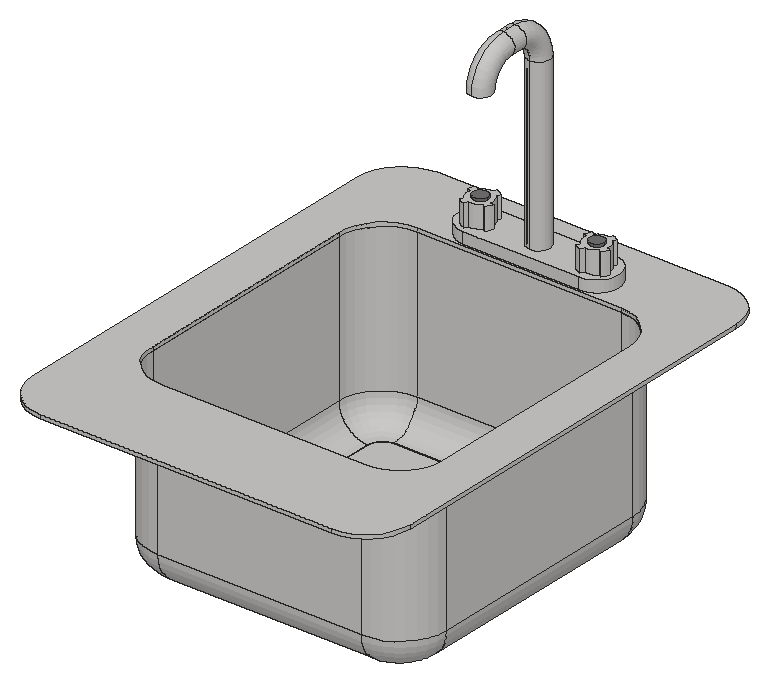
Revit family "QF_Vollrath_K1734-C", category Specialty Equipment, Revit 2016
Family settings
  Part Type = Normal
  Round Connector Dimension = Use Diameter
  OmniClass Number = 23.40.40.14.31
  OmniClass Title = Cleaning and Disposal Equipment
  Work Plane-Based = Yes
  Always vertical = Yes
  Cut with Voids When Loaded = No
  Shared = No
  Room Calculation Point = No
Parameters
  Width = 1' - 1"
  Weight in Pounds = 0
  Watermarked By = "http://revitwatermark.com"
  URL Cutsheet = ""
  Status [instance] = ""
  Specification by User [instance] = ""
  Specification by Manufacturer [instance] = ""
  Sink Width = 0' - 10"
  Sink Depth = 0' - 11"
  Sink Basin Depth = 0' - 6 3/16"
  Serial Number [instance] = ""
  Seismic Rating [instance] = ""
  SMACNA No [instance] = ""
  Revision Code [instance] = ""
  Plumbing Remarks [instance] = ""
  Plumbing Connection Type [instance] = ""
  NAFEM Spec ID Number [instance] = ""
  Model = "K1734-C"
  Masterspec [instance] = ""
  Manufacturer = "Vollrath"
  Item Number [instance] = "-"
  Installed By [instance] = ""
  Indirect Waste Size = 2"
  Indirect Waste Flow [instance] = 0.00 GPM
  Indirect Waste Connection Type [instance] = ""
  Indirect Waste Connection Height [instance] = 0' - 0"
  Hot Water Temperature [instance] = 110 °F
  Hot Water Size = 1/2"
  Hot Water RI Height [instance] = 0' - 0"
  Hot Water Flow [instance] = 0.00 GPM
  Hot Water Consumption [instance] = 0.00 GPM
  Hot Water Connection Height [instance] = 0' - 0"
  Furnished By [instance] = ""
  Foodservice Equipment Identifier [instance] = yes
  Description = "Bar Sink"  # constant formula
  Depth = 1' - 5"
  Default Elevation = 4' - 0"
  Cold Water Size = 1/2"
  Cold Water RI Height [instance] = 0' - 0"
  Cold Water Flow [instance] = 0.00 GPM
  Cold Water Consumption [instance] = ""
  Cold Water Connection Height [instance] = 0' - 0"
  CSI MasterFormat = ""
Reference planes (in)
  plane 1 "BACK": y = 0
  plane 2 "BOTTOM": z = 0
  plane 3 "LEFT": x = 0
  plane 4 "RIGHT": x = 13
  plane 5 "FRONT": y = -17
  plane 6 "CENTER 5": x = 6.5
  plane 7 "CENTER 1": y = -8.21875
  plane 8: y = -2
  plane 9: y = -2.71875
  plane 10: y = -13.71875
  plane 11: x = 1.5
  plane 12: x = 11.5
  plane 13 "TOP": z = 8
  plane 14 "Sink Bottom": z = -6.1875
  plane 15 "Bottom of Skirt": z = -1.5625
  plane 16 "LIP1": z = -0.125
  plane 17 "CENTER 2": x = 4.5
  plane 18 "CENTER 3": x = 8.5
  plane 19 "FAUCET TOP": z = 0.5
  plane 20 "HANDLE TOP 1": z = 1.25
  plane 21 "HANDLE BUTTONS": z = 1.3125
  plane 22 "CENTER 4": y = -1.87133
Forms (in)
  Sweep 1, solid, material "QF_Finishes_Stainless Steel"
    path origin (0, 0, 0) x (1, 0, 0) y (0, 1, 0)
      loop
        arc (3, -2.71875) -> (1.93934, -3.15809) -> (1.5, -4.21875) r 1.5
        line (1.5, -4.21875) -> (1.5, -12.21875)
        arc (1.5, -12.21875) -> (1.93934, -13.27941) -> (3, -13.71875) r 1.5
        line (3, -13.71875) -> (10, -13.71875)
        arc (10, -13.71875) -> (11.06066, -13.27941) -> (11.5, -12.21875) r 1.5
        line (11.5, -12.21875) -> (11.5, -4.21875)
        arc (11.5, -4.21875) -> (11.06066, -3.15809) -> (10, -2.71875) r 1.5
        line (10, -2.71875) -> (3, -2.71875)
    profile origin (6.5, -2.71875, 0) x (0, 1, 0) y (0, 0, 1)
      loop
        line (0, 0) -> (0, -5.0625)
        arc (0, -5.0625) -> (-0.29289, -5.76961) -> (-1, -6.0625) r 1
        line (-1, -6.0625) -> (-1, -6.1875)
        arc (-1, -6.1875) -> (-0.2045, -5.858) -> (0.125, -5.0625) r 1.125
        line (0.125, -5.0625) -> (0.125, 0) -> (0, 0)
  Extrusion 2, solid, material "QF_Finishes_Stainless Steel"
    sketch origin (0, 0, -6.1875) x (-1, 0, 0) y (0, -1, 0)
      loop
        line (-10, 3.71875) -> (-3, 3.71875)
        arc (-3, 3.71875) -> (-2.64645, 3.8652) -> (-2.5, 4.21875) r 0.5
        line (-2.5, 4.21875) -> (-2.5, 12.21875)
        arc (-2.5, 12.21875) -> (-2.64645, 12.5723) -> (-3, 12.71875) r 0.5
        line (-3, 12.71875) -> (-10, 12.71875)
        arc (-10, 12.71875) -> (-10.35355, 12.5723) -> (-10.5, 12.21875) r 0.5
        line (-10.5, 12.21875) -> (-10.5, 4.21875)
        arc (-10.5, 4.21875) -> (-10.35355, 3.8652) -> (-10, 3.71875) r 0.5
      loop
        circle (-6.5, 8.21875) r 1
    from 0 to 0.125
  Extrusion 3, solid, material "QF_Finishes_Stainless Steel"
    sketch origin (0, 0, 0) x (1, 0, 0) y (0, 1, 0)
      loop
        arc (1.5, -12.21875) -> (1.93934, -13.27941) -> (3, -13.71875) r 1.5
        line (3, -13.71875) -> (10, -13.71875)
        arc (10, -13.71875) -> (11.06066, -13.27941) -> (11.5, -12.21875) r 1.5
        line (11.5, -12.21875) -> (11.5, -4.21875)
        arc (11.5, -4.21875) -> (11.06066, -3.15809) -> (10, -2.71875) r 1.5
        line (10, -2.71875) -> (3, -2.71875)
        arc (3, -2.71875) -> (1.93934, -3.15809) -> (1.5, -4.21875) r 1.5
        line (1.5, -4.21875) -> (1.5, -12.21875)
      loop
        circle (8.5, -1.87133) r 0.6875
      loop
        circle (4.5, -1.87133) r 0.6875
      loop
        line (1.5, -17) -> (11.5, -17)
        arc (11.5, -17) -> (12.56066, -16.56066) -> (13, -15.5) r 1.5
        line (13, -15.5) -> (13, -1.5)
        arc (13, -1.5) -> (12.56066, -0.43934) -> (11.5, 0) r 1.5
        line (11.5, 0) -> (1.5, 0)
        arc (1.5, 0) -> (0.43934, -0.43934) -> (0, -1.5) r 1.5
        line (0, -1.5) -> (0, -15.5)
        arc (0, -15.5) -> (0.43934, -16.56066) -> (1.5, -17) r 1.5
    from 0 to 0.125
  Extrusion 4, solid, material "QF_Finishes_Stainless Steel"
    sketch origin (0, 0, 0.5) x (-1, 0, 0) y (0, -1, 0)
      loop
        line (-8.5, 1.12133) -> (-4.5, 1.12133)
        arc (-4.5, 1.12133) -> (-3.75, 1.87133) -> (-4.5, 2.62133) r 0.75
        line (-4.5, 2.62133) -> (-8.5, 2.62133)
        arc (-8.5, 2.62133) -> (-9.25, 1.87133) -> (-8.5, 1.12133) r 0.75
    from 0 to -0.5
  Extrusion 5, solid, material "QF_Finishes_Stainless Steel"
    sketch origin (0, 0, 1.25) x (-1, 0, 0) y (0, -1, 0)
      loop
        line (-4.17797, 1.57519) -> (-4.06187, 1.51856)
        arc (-4.06187, 1.51856) -> (-3.99443, 1.62474) -> (-3.95227, 1.74326) r 0.5625
        line (-3.95227, 1.74326) -> (-4.06837, 1.79988)
        arc (-4.06837, 1.79988) -> (-4.08634, 2.01376) -> (-4.20386, 2.19336) r 0.4375
        line (-4.20386, 2.19336) -> (-4.14723, 2.30946)
        arc (-4.14723, 2.30946) -> (-4.25342, 2.3769) -> (-4.37193, 2.41906) r 0.5625
        line (-4.37193, 2.41906) -> (-4.42856, 2.30296)
        arc (-4.42856, 2.30296) -> (-4.64244, 2.28499) -> (-4.82203, 2.16747) r 0.4375
        line (-4.82203, 2.16747) -> (-4.93813, 2.2241)
        arc (-4.93813, 2.2241) -> (-5.00557, 2.11791) -> (-5.04773, 1.9994) r 0.5625
        line (-5.04773, 1.9994) -> (-4.93163, 1.94277)
        arc (-4.93163, 1.94277) -> (-4.91366, 1.72889) -> (-4.79614, 1.54929) r 0.4375
        line (-4.79614, 1.54929) -> (-4.85277, 1.43319)
        arc (-4.85277, 1.43319) -> (-4.74658, 1.36576) -> (-4.62807, 1.3236) r 0.5625
        line (-4.62807, 1.3236) -> (-4.57144, 1.4397)
        arc (-4.57144, 1.4397) -> (-4.35756, 1.45766) -> (-4.17797, 1.57519) r 0.4375
      loop
        line (-8.17797, 1.57519) -> (-8.06187, 1.51856)
        arc (-8.06187, 1.51856) -> (-7.99443, 1.62474) -> (-7.95227, 1.74326) r 0.5625
        line (-7.95227, 1.74326) -> (-8.06837, 1.79988)
        arc (-8.06837, 1.79988) -> (-8.08634, 2.01376) -> (-8.20386, 2.19336) r 0.4375
        line (-8.20386, 2.19336) -> (-8.14723, 2.30946)
        arc (-8.14723, 2.30946) -> (-8.25342, 2.3769) -> (-8.37193, 2.41906) r 0.5625
        line (-8.37193, 2.41906) -> (-8.42856, 2.30296)
        arc (-8.42856, 2.30296) -> (-8.64244, 2.28499) -> (-8.82203, 2.16747) r 0.4375
        line (-8.82203, 2.16747) -> (-8.93813, 2.2241)
        arc (-8.93813, 2.2241) -> (-9.00557, 2.11791) -> (-9.04773, 1.9994) r 0.5625
        line (-9.04773, 1.9994) -> (-8.93163, 1.94277)
        arc (-8.93163, 1.94277) -> (-8.91366, 1.72889) -> (-8.79614, 1.54929) r 0.4375
        line (-8.79614, 1.54929) -> (-8.85277, 1.43319)
        arc (-8.85277, 1.43319) -> (-8.74658, 1.36576) -> (-8.62807, 1.3236) r 0.5625
        line (-8.62807, 1.3236) -> (-8.57144, 1.4397)
        arc (-8.57144, 1.4397) -> (-8.35756, 1.45766) -> (-8.17797, 1.57519) r 0.4375
    from 0 to -0.75
  Extrusion 6, solid, material "QF_Finishes_Rubber Black"
    sketch origin (0, 0, 1.3125) x (-1, 0, 0) y (0, -1, 0)
      loop
        circle (-4.5, 1.87133) r 0.25
      loop
        circle (-8.5, 1.87133) r 0.25
    from 0 to -0.125
  Sweep 7, solid, material "QF_Finishes_Stainless Steel"
    path origin (6.5, 0, 0) x (0, 1, 0) y (0, 0, 1)
      loop
        line (-1.87133, 0.5) -> (-1.87133, 6.3125)
        arc (-1.87133, 6.3125) -> (-2.16422, 7.01961) -> (-2.87133, 7.3125) r 1
        line (-2.87133, 7.3125) -> (-3.37133, 7.3125)
        arc (-3.37133, 7.3125) -> (-4.07844, 7.01961) -> (-4.37133, 6.3125) r 1
    profile origin (6.5, -1.87133, 3.40625) x (0, -1, 0) y (1, 0, 0)
      loop
        circle (0, 0) r 0.375
      loop
        circle (0, 0) r 0.3125
Lines and regions (in)
  symbolic lines
    curve 1: line (1.5, 0, 1.3125) -> (11.5, 0, 1.3125)
    curve 2: arc (1.5, 0, 1.3125) -> (0.43934, -0.43934, 1.3125) -> (0, -1.5, 1.3125) r 1.5
    curve 3: line (0, -15.5, 1.3125) -> (0, -1.5, 1.3125)
    curve 4: arc (0, -15.5, 1.3125) -> (0.43934, -16.56066, 1.3125) -> (1.5, -17, 1.3125) r 1.5
    curve 5: line (11.5, -17, 1.3125) -> (1.5, -17, 1.3125)
    curve 6: arc (11.5, -17, 1.3125) -> (12.56066, -16.56066, 1.3125) -> (13, -15.5, 1.3125) r 1.5
    curve 7: line (13, -1.5, 1.3125) -> (13, -15.5, 1.3125)
    curve 8: arc (13, -1.5, 1.3125) -> (12.56066, -0.43934, 1.3125) -> (11.5, 0, 1.3125) r 1.5
  symbolic lines, style "QF_Surface Details"
    curve 9: circle (6.5, -8.21875, 1.3125) r 1 normal (0, 0, -1)
    curve 10: line (10, -2.71875, 1.3125) -> (3, -2.71875, 1.3125)
    curve 11: arc (1.5, -4.21875, 1.3125) -> (1.93934, -3.15809, 1.3125) -> (3, -2.71875, 1.3125) r 1.5
    curve 12: line (1.5, -4.21875, 1.3125) -> (1.5, -12.21875, 1.3125)
    curve 13: arc (3, -13.71875, 1.3125) -> (1.93934, -13.27941, 1.3125) -> (1.5, -12.21875, 1.3125) r 1.5
    curve 14: line (3, -13.71875, 1.3125) -> (10, -13.71875, 1.3125)
    curve 15: arc (11.5, -12.21875, 1.3125) -> (11.06066, -13.27941, 1.3125) -> (10, -13.71875, 1.3125) r 1.5
    curve 16: line (11.5, -12.21875, 1.3125) -> (11.5, -4.21875, 1.3125)
    curve 17: arc (10, -2.71875, 1.3125) -> (11.06066, -3.15809, 1.3125) -> (11.5, -4.21875, 1.3125) r 1.5
    curve 18: line (4.5, -1.12133, 1.3125) -> (8.5, -1.12133, 1.3125)
    curve 19: arc (4.5, -2.62133, 1.3125) -> (3.75, -1.87133, 1.3125) -> (4.5, -1.12133, 1.3125) r 0.75
    curve 20: line (4.5, -2.62133, 1.3125) -> (6.125, -2.62133, 1.3125)
    curve 21: arc (8.5, -2.62133, 1.3125) -> (9.25, -1.87133, 1.3125) -> (8.5, -1.12133, 1.3125) r 0.75
    curve 22: line (6.875, -1.87133, 1.3125) -> (6.875, -4.37133, 1.3125)
    curve 23: line (6.125, -1.87133, 1.3125) -> (6.125, -4.37133, 1.3125)
    curve 24: arc (6.125, -1.87133, 1.3125) -> (6.5, -1.49633, 1.3125) -> (6.875, -1.87133, 1.3125) r 0.375
    curve 25: arc (6.125, -4.37133, 1.3125) -> (6.5, -4.74633, 1.3125) -> (6.875, -4.37133, 1.3125) r 0.375
    curve 26: arc (8.5, -1.18383, 1.3125) -> (7.8125, -1.87133, 1.3125) -> (8.5, -2.55883, 1.3125) r 0.6875
    curve 27: arc (4.5, -2.55883, 1.3125) -> (5.1875, -1.87133, 1.3125) -> (4.5, -1.18383, 1.3125) r 0.6875
    curve 28: line (6.875, -2.62133, 1.3125) -> (8.5, -2.62133, 1.3125)
Dimensions and locks (in)
  "Width": plane 3 "LEFT" to plane 4 "RIGHT"
  "Depth": plane 5 "FRONT" to plane 1 "BACK"
  plane 8 to plane 1 "BACK" = 0' - 2"
  equal spacing: plane 9, plane 7 "CENTER 1", plane 10
  "Sink Depth": plane 9 to plane 10
  equal spacing: plane 3 "LEFT", plane 6 "CENTER 5", plane 4 "RIGHT"
  equal spacing: plane 11, plane 6 "CENTER 5", plane 12
  "Sink Width": plane 11 to plane 12
  locked: plane 13 "TOP" to level at 8
  "Sink Basin Depth": level to plane 14 "Sink Bottom"
  locked: level to plane 15 "Bottom of Skirt" at 1.5625
  level to Sweep 1 sketch curve = 0' - 0"
  locked: Sweep 1 sketch curve to plane 9 at 0.125
  locked: plane 14 "Sink Bottom" to Sweep 1 sketch curve at 0.125
  plane 11 to plane 12 = 0' - 10"
  plane 9 to plane 10 = 0' - 11"
  locked: plane 8 to plane 9 at 0.71875
  aligned and locked: level to plane 2 "BOTTOM"
  aligned and locked: Sweep 1 sketch curve to plane 9
  aligned and locked: plane 11 to Sweep 1 sketch curve
  aligned and locked: plane 10 to Sweep 1 sketch curve
  aligned and locked: Sweep 1 sketch curve to plane 12
  aligned and locked: plane 14 "Sink Bottom" to Sweep 1 sketch curve
  aligned and locked: Extrusion 2 sketch curve to Sweep 1  (x4)
  aligned and locked: Extrusion 3 sketch curve to Sweep 1  (x4)
  aligned and locked: Extrusion 3 sketch curve to plane 3 "LEFT"
  aligned and locked: plane 5 "FRONT" to Extrusion 3 sketch curve
  aligned and locked: plane 4 "RIGHT" to Extrusion 3 sketch curve
  aligned and locked: Extrusion 3 sketch curve to plane 1 "BACK"
Automatic sketch dimensions
  plane 11 to Sweep 1 sketch curve = 0' - 1 1/2"  (x2)
  Sweep 1 sketch curve to plane 12 = 0' - 1 1/2"
  Sweep 1 sketch curve to plane 9 = 0' - 1 1/2"
  Sweep 1 sketch curve to Sweep 1 sketch curve = 0' - 1"
  Extrusion 2 sketch curve to plane 7 "CENTER 1" = 0' - 0"
  Extrusion 2 sketch curve to Extrusion 2 sketch curve = 0' - 0 1/2"  (x4)
  Extrusion 4 sketch curve to plane 18 "CENTER 3" = 0' - 0"
  Extrusion 4 sketch curve to plane 17 "CENTER 2" = 0' - 0"
  plane 8 to Extrusion 4 sketch curve = 0' - 0.87867"
  plane 8 to Extrusion 4 sketch curve = 0' - 0.12867"
  Extrusion 5 sketch curve to Extrusion 5 sketch curve = 0' - 0"  (x28)
  Extrusion 5 sketch curve to plane 18 "CENTER 3" = 0' - 0"
  Extrusion 5 sketch curve to plane 17 "CENTER 2" = 0' - 0"
  plane 18 "CENTER 3" to Extrusion 5 sketch curve = 0' - 0.07144"
  plane 18 "CENTER 3" to Extrusion 5 sketch curve = 0' - 0.12807"
  Extrusion 5 sketch curve to Extrusion 5 sketch curve = 0' - 0.2247"  (x3)
  Extrusion 5 sketch curve to plane 8 = 0' - 0.16747"
  plane 18 "CENTER 3" to Extrusion 5 sketch curve = 0' - 0.32203"
  Extrusion 5 sketch curve to Extrusion 5 sketch curve = 0' - 0.05663"  (x6)
  plane 8 to Extrusion 5 sketch curve = 0' - 0.05723"  (x2)
  Extrusion 5 sketch curve to Extrusion 5 sketch curve = 0' - 0.10959"  (x5)
  Extrusion 5 sketch curve to Extrusion 5 sketch curve = 0' - 0.1161"  (x12)
  plane 8 to Extrusion 5 sketch curve = 0' - 0.0006"  (x2)
  Extrusion 5 sketch curve to plane 18 "CENTER 3" = 0' - 0.07144"
  Extrusion 5 sketch curve to plane 18 "CENTER 3" = 0' - 0.12807"
  Extrusion 5 sketch curve to plane 18 "CENTER 3" = 0' - 0.32203"
  plane 17 "CENTER 2" to Extrusion 5 sketch curve = 0' - 0.54773"
  Extrusion 5 sketch curve to plane 8 = 0' - 0.2241"
  plane 17 "CENTER 2" to Extrusion 5 sketch curve = 0' - 0.35277"
  plane 17 "CENTER 2" to Extrusion 5 sketch curve = 0' - 0.12807"
  plane 17 "CENTER 2" to Extrusion 5 sketch curve = 0' - 0.07144"
  Extrusion 5 sketch curve to plane 17 "CENTER 2" = 0' - 0.07144"
  Extrusion 5 sketch curve to plane 17 "CENTER 2" = 0' - 0.12807"
  Extrusion 5 sketch curve to plane 17 "CENTER 2" = 0' - 0.32203"
  plane 8 to Extrusion 5 sketch curve = 0' - 0.20012"
  Extrusion 5 sketch curve to Extrusion 5 sketch curve = 0' - 0.28132"
  plane 8 to Extrusion 5 sketch curve = 0' - 0.48144"
  Extrusion 5 sketch curve to Extrusion 5 sketch curve = 0' - 0.07886"
  Extrusion 5 sketch curve to Extrusion 5 sketch curve = 0' - 0.00651"
  Extrusion 6 sketch curve to plane 18 "CENTER 3" = 0' - 0"
  Extrusion 6 sketch curve to plane 17 "CENTER 2" = 0' - 0"
  plane 8 to Extrusion 6 sketch curve = 0' - 0.12867"  (x2)
  Sweep 7 sketch curve to plane 6 "CENTER 5" = 0' - 0"
  Sweep 7 sketch curve to profile plane = 0' - 0"
  Sweep 7 sketch curve to Sweep 7 sketch curve = 0' - 0"  (x2)
  Sweep 7 sketch curve to plane 22 "CENTER 4" = 0' - 0"
  plane 19 "FAUCET TOP" to Sweep 7 sketch curve = 0' - 0"
  Sweep 7 sketch curve to plane 9 = 0' - 0.15258"
  Sweep 7 sketch curve to Sweep 7 sketch curve = 0' - 0 1/2"
  Sweep 7 sketch curve to Sweep 7 sketch curve = 0' - 1"
  plane 13 "TOP" to Sweep 7 sketch curve = 0' - 1 11/16"
  Extrusion 3 sketch curve to plane 11 = 0' - 0"  (x2)
  Extrusion 3 sketch curve to plane 17 "CENTER 2" = 0' - 0"
  Extrusion 3 sketch curve to plane 18 "CENTER 3" = 0' - 0"
  Extrusion 3 sketch curve to plane 12 = 0' - 0"  (x2)
  Extrusion 3 sketch curve to plane 22 "CENTER 4" = 0' - 0"  (x2)
  Extrusion 3 sketch curve to Extrusion 3 sketch curve = 0' - 1 1/2"  (x2)
  Extrusion 3 sketch curve to plane 9 = 0' - 1 1/2"
  Extrusion 3 sketch curve to plane 12 = 0' - 1 1/2"
  Sweep 1 sketch curve to Sweep 1 sketch curve = 0' - 0"
  Extrusion 2 sketch curve to plane 18 "CENTER 3" = 0' - 2"
  curve 19 to curve 27 = 0' - 0"  (x2)
  curve 21 to curve 26 = 0' - 0"  (x2)
  curve 6 to plane 4 "RIGHT" = 0' - 0"
  curve 16 to plane 12 = 0' - 0"
  curve 8 to plane 12 = 0' - 0"
  plane 5 "FRONT" to curve 5 = 0' - 0"
  curve 5 to plane 12 = 0' - 0"
  curve 17 to plane 9 = 0' - 0"
  curve 15 to plane 10 = 0' - 0"
  curve 21 to plane 18 "CENTER 3" = 0' - 0"
  curve 22 to plane 22 "CENTER 4" = 0' - 0"
  curve 25 to plane 6 "CENTER 5" = 0' - 0"
  curve 9 to plane 6 "CENTER 5" = 0' - 0"
  curve 27 to plane 17 "CENTER 2" = 0' - 0"
  curve 12 to plane 11 = 0' - 0"
  curve 5 to plane 11 = 0' - 0"
  plane 1 "BACK" to curve 2 = 0' - 0"
  curve 2 to plane 11 = 0' - 0"
  curve 3 to plane 3 "LEFT" = 0' - 0"
  curve 26 to plane 22 "CENTER 4" = 0' - 0"
  curve 27 to plane 22 "CENTER 4" = 0' - 0"
  curve 9 to plane 7 "CENTER 1" = 0' - 0"
  curve 17 to plane 12 = 0' - 1 1/2"
  plane 10 to curve 15 = 0' - 1 1/2"
  plane 9 to curve 28 = 0' - 0.09742"
  plane 6 "CENTER 5" to curve 28 = 0' - 0 3/8"
  plane 11 to curve 11 = 0' - 1 1/2"
  plane 11 to curve 13 = 0' - 1 1/2"
  curve 18 to curve 26 = 0' - 0 1/16"
  curve 19 to curve 27 = 0' - 0 1/16"
  curve 25 to plane 9 = 0' - 1.65258"
  radius of Extrusion 2 sketch curve = 0' - 1"
  radius of Extrusion 6 sketch curve = 0' - 0 1/4"  (x2)
  radius of Sweep 7 sketch curve = 0' - 0 3/8"
  radius of Sweep 7 sketch curve = 0' - 0 5/16"
  radius of Extrusion 3 sketch curve = 0' - 0 11/16"  (x2)
  radius of curve 9 = 0' - 1"
Connectors (in)
  piping at (6.5, -8.21875, -6.1875), diameter 2
    settings: on Extrusion 2, index 1, connector inside diameter 2", connector length 0' - 0", flow factor 0, pipe flow 0.00 GPM, pressure drop 0.00 psi, fitting loss kfactor 0, connector angle 0.00°, fixture units 0, engagement length 0' - 0", angle of deflection 0.00°, flow configuration 1, flow direction 2, fitting loss method 0, system type 16, joint type 0, gender type 0, connector reference index -1, connector utility 0, adjustable connector no, is connector primary yes, connector description "IW"
